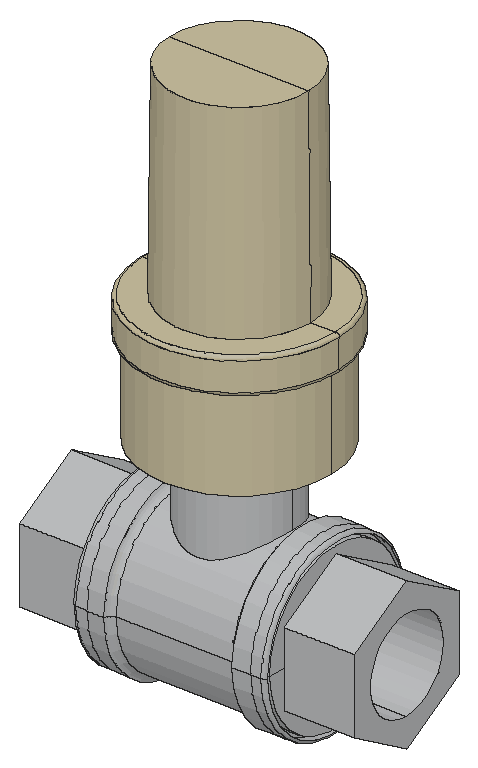
Revit family "QH00100000", category Apparecchi idraulici, Revit 2020
Family settings
  Quota connettore circolare = Usa diametro
  Tipo di parte = Normale
  Numero OmniClass = 23.45.00.00
  Titolo OmniClass = Sanitary, Laundry, and Cleaning Equipment
  Basato su piano di lavoro = No
  Sempre verticale = Sì
  Taglio con vuoti quando caricato = No
  Condiviso = No
  Punto di calcolo locali = No
Parameters
  URL = "https://web.cimberio.com/index.php/figura/187?subcategoria_id="
  Temperatura di esercizio = "-20 ÷ 150°C"
  Prospetto di default = 0 mm
  Produttore = "CIMBERIO SPA"
  Pressione nominale = "PN 100 (1/4\" ÷ 1/2\"); PN 64 (3/4\" ÷ 1\"); PN 50 (1\"1/4); PN 40 (1\"1/2 ÷ 2\")"
  Modello = "Cim 206"
  Materiale = "Prodotto in lega di ottone conforme alla norma EN 12165-CW617N-DW"
  Descrizione = "Realizzato in ottemperanza ai requisiti gestionali della norma EN ISO 9001.\r\nUtilizzato per la regolazione della temperatura degli ambienti e comandare apparecchi degli impianti di riscaldamento e condizionamento."
  DN Model [instance] = QH00101008 : QH00101008
  DN [instance] = 10 mm
  Commenti sul tipo = "Utilizzato nei più svariati settori dell'impiantistica: impianti di riscaldamento, condizionamento, idrici, igienico-sanitari, aria compressa, reti di distribuzione oli, benzine, vapore saturo e in generale con ogni fluido non corrosivo"
Reference planes
  plane 1 "Centro (Fronte/Retro)": y = 0
  plane 2: z = 0
  plane 3 "Centro (Sinistra/Destra)": x = 0
Dimensions and locks
  aligned and locked: level to plane 2
Nested families
  nested 1: "QH00101008" at (0, 0, 0), type <- "DN Model", type "QH00101008"
  nested 2: "QH00101008" at (0, 0, 0), type <- "DN Model", type "QH00101008"
  nested 3: "QH00101008" at (0, 0, 0), type <- "DN Model", type "QH00101008"
  nested 4: "QH00101008" at (0, 0, 0), type <- "DN Model", type "QH00101008"
Connectors
  piping at (23.5, 0, 0), diameter 10, driven by "DN"
    settings: on nested 1, index 1, connector inside diameter 609.6 mm, connector length 0 mm, flow factor 0, pipe flow 0.0 L/s, pressure drop 0.0 Pa, fitting loss kfactor 0, connector angle 0.00°, fixture units 0, engagement length 0 mm, angle of deflection 0.00°, flow configuration 0, flow direction 0, fitting loss method 0, system type 7, joint type 0, gender type 0, connector reference index -1, connector utility 0, adjustable connector no, is connector primary yes, connector description ""
  piping at (-23.5, 0, 0), diameter 10, driven by "DN"
    settings: on nested 1, index 2, connector inside diameter 609.6 mm, connector length 0 mm, flow factor 0, pipe flow 0.0 L/s, pressure drop 0.0 Pa, fitting loss kfactor 0, connector angle 0.00°, fixture units 0, engagement length 0 mm, angle of deflection 0.00°, flow configuration 0, flow direction 0, fitting loss method 0, system type 7, joint type 0, gender type 0, connector reference index -1, connector utility 0, adjustable connector no, is connector primary no, connector description ""
Definition of nested family "QH00101008"
  Parameters (values of type "QH00101008")
    Default Elevation = 0 mm
  Reference planes
    plane 1 "Centro (Fronte/Retro)": y = 0
    plane 2: z = 0
    plane 3 "Centro (Sinistra/Destra)": x = 0
  Forms (mm)
    Revolve 1, solid
      sketch origin (0, 0, 0) x (1, 0, 0) y (0, 1, 0)
        loop
          line (-13.5, 6.5) -> (13.5, 6.5) -> (13.5, 11.686)
          arc (13.5, 11.686) -> (13.419, 12.161) -> (13, 12.4) r 0.563
          line (13, 12.4) -> (11.5, 12.4) -> (9.003, 12.5)
          arc (9.003, 12.5) -> (8.637, 11.94) -> (8.134, 11.5) r 2.456
          line (8.134, 11.5) -> (-8.134, 11.5)
          arc (-8.134, 11.5) -> (-8.673, 11.909) -> (-9, 12.5) r 1.636
          line (-9, 12.5) -> (-11.5, 12.4) -> (-13, 12.4)
          arc (-13, 12.4) -> (-13.354, 12.254) -> (-13.5, 11.9) r 0.5
          line (-13.5, 11.9) -> (-13.5, 6.5)
        axis (-13.5, 0) -> (13.5, 0)
      angle from 0 to 360
    Extrusion 2, solid
      sketch origin (0, 0, 0) x (0, 0, 1) y (0, -1, 0)
        loop
          circle (0, 0) r 6.5
        loop
          line (10.5, 0) -> (5.25, 9.093) -> (-5.25, 9.093) -> (-10.5, 0) -> (-5.25, -9.093) -> (5.25, -9.093) -> (10.5, 0)
      from 13 to 23.5
    Extrusion 3, void
      sketch origin (0, 0, 0) x (0, 1, 0) y (0, 0, 1)
        loop
          circle (0, 0) r 12
        loop
          circle (0, 0) r 11.5
      from 12.187 to 23.5
    Extrusion 4, solid
      sketch origin (0, 0, 0) x (1, 0, 0) y (0, 1, 0)
        loop
          circle (0, 0) r 7.532
        loop
          circle (0, 0) r 6.544
      from 3.8 to 39.889
    Extrusion 5, solid
      sketch origin (0, 0, 0) x (0, 0, 1) y (0, 1, 0)
        loop
          circle (0, 0) r 6.5
        loop
          line (10.5, 0) -> (5.25, 9.093) -> (-5.25, 9.093) -> (-10.5, 0) -> (-5.25, -9.093) -> (5.25, -9.093) -> (10.5, 0)
      from 13 to 23.5
    Revolve 6, solid
      sketch origin (0, 0, 0) x (1, 0, 0) y (0, 0, 1)
        loop
          line (0, 20.3) -> (13, 20.3) -> (13, 35.175) -> (0, 35.175) -> (0, 20.3)
        axis (0, 35.175) -> (0, 20.3)
      angle from 0 to 360
    Revolve 7, solid
      sketch origin (0, 0, 0) x (1, 0, 0) y (0, 0, 1)
        loop
          line (0, 67.3) -> (0, 33.3) -> (13.501, 33.3)
          arc (13.501, 33.3) -> (13.854, 33.447) -> (14, 33.8) r 0.5
          line (14, 33.8) -> (14, 37.8)
          arc (14, 37.8) -> (13.854, 38.154) -> (13.5, 38.3) r 0.5
          line (13.5, 38.3) -> (10, 38.3) -> (9.758, 67.3) -> (0, 67.3)
        axis (0, 67.3) -> (0, 33.3)
      angle from 0 to 360
  Cuts and joins
    Extrusion 3 cuts Revolve 1
    Extrusion 3 cuts Extrusion 2
  Dimensions and locks
    aligned and locked: level to plane 2
